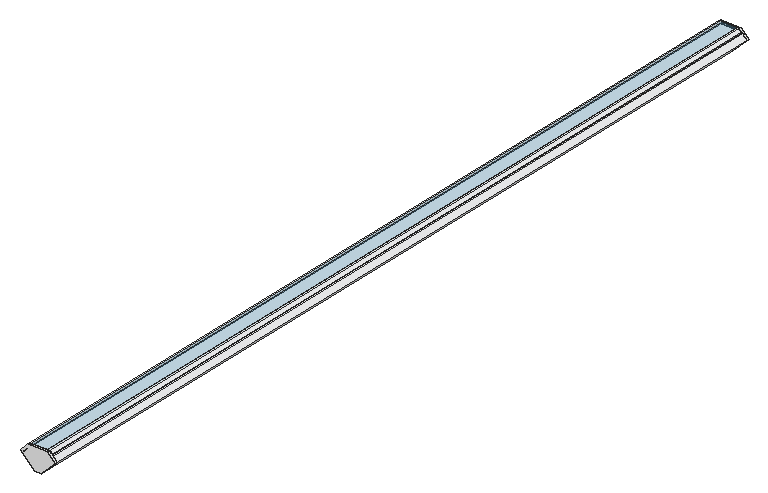
Revit family "LLED-CMC-4RF", category Lighting Fixtures, Revit 2017
Family settings
  Round Connector Dimension = Use Diameter
  Part Type = Normal
  OmniClass Number = 23.80.70.00
  OmniClass Title = Lighting
  Work Plane-Based = Yes
  Always vertical = Yes
  Cut with Voids When Loaded = No
  Light Source = Yes
  Shared = No
  Room Calculation Point = No
Parameters (values of type "LLED-CMC")
  Wattage = 9.2903 W
  built-in parameter 1150110 = 1 (stored number, unit not read)
  built-in parameter 1114217 = 1 (stored number, unit not read)
  Tilt Angle = 60.00°
  built-in parameter 1150109 = 1 (stored number, unit not read)
  built-in parameter 1150134 = 3
  built-in parameter 1150113 = 1 (stored number, unit not read)
  Photometric Web File = "generic"
  built-in parameter 1150142 = (empty or 0)
  built-in parameter 1150105 = 109.82 (stored number, unit not read)
  Lumens = 1380 lm
  built-in parameter 1150115 = 1 (stored number, unit not read)
  built-in parameter 1150137 = (empty or 0)
  built-in parameter 1150139 = (empty or 0)
  Length = 24.00"
  built-in parameter 1150112 = 1 (stored number, unit not read)
  built-in parameter 1150114 = 1 (stored number, unit not read)
  built-in parameter 1150132 = (empty or 0)
  built-in parameter 1150102 = (empty or 0)
  built-in parameter 1150107 = 3200 (stored number, unit not read)
  built-in parameter 1150138 = (empty or 0)
  built-in parameter 1150106 = 1.0982 (stored number, unit not read)
  Fixture Cap = Fixture Cap
  Fixture = Fixture
  Emit from Line Length = Length  # 24.00"
  built-in parameter 1150104 = 13.8 (stored number, unit not read)
  Dimming Lamp Color Temperature Shift = <None>
  Default Elevation = 48.00"
  Color Filter = 16777215
  built-in parameter 1114218 = 1 (stored number, unit not read)
  built-in parameter 1150133 = 10 (stored number, unit not read)
Reference planes (in)
  plane 1 "Light Source Axis (F/B)": y = 0
  plane 2: z = 0
  plane 3 "Light Source Axis (L/R)": x = 0
  plane 4 "Light Source Elevation": z = 66.61
  plane 5: y = 12
  plane 6: y = -12
  plane 7: y = 12.04819
  plane 8: y = -12.04819
Forms (in)
  Extrusion 1, solid, material "Fixture" <- "Fixture"
    sketch origin (-0.45313, 0, -0.07812) x (1, 0, 0) y (0, 0, 1)
      loop
        line (0.56313, 0.57812) -> (0.45314, 0.46814) -> (0.84315, 0.07812) -> (1.0531, 0.07812) -> (1.44311, 0.46814) -> (1.33148, 0.57977) -> (1.30574, 0.55403) -> (1.27302, 0.58675) -> (1.29876, 0.61249) -> (1.22313, 0.68812) -> (1.18089, 0.68812) -> (1.18089, 0.63899) -> (0.71207, 0.63899) -> (0.71207, 0.68812) -> (0.67313, 0.68812) -> (0.59585, 0.61085) -> (0.6219, 0.5848) -> (0.58917, 0.55208) -> (0.56313, 0.57812)
      loop
        line (0.68852, 0.60899) -> (0.52161, 0.44209) -> (0.85557, 0.10812) -> (1.04068, 0.10812) -> (1.37495, 0.4424) -> (1.20835, 0.60899) -> (0.68852, 0.60899)
    from -12 to 12
  Extrusion 2, solid, material "Glass"
    sketch origin (-0.34471, 0, -0.10257) x (1, 0, 0) y (0, 0, 1)
      loop
        line (0.60365, 0.71257) -> (0.60365, 0.68053) -> (1.07248, 0.68053) -> (1.07248, 0.71257) -> (0.60365, 0.71257)
    from -12 to 12
  Extrusion 3, solid, material "Fixture Cap" <- "Fixture Cap"
    sketch origin (-0.45313, 0.16936, -0.42188) x (1, 0, 0) y (0, 0, 1)
      loop
        line (0.67313, 1.03187) -> (0.45314, 0.81189) -> (0.84315, 0.42187) -> (1.0531, 0.42187) -> (1.44311, 0.81189) -> (1.22313, 1.03187) -> (0.67313, 1.03187)
    from 12.16936 to 12.21755
  Extrusion 4, solid, material "Fixture Cap" <- "Fixture Cap"
    sketch origin (-0.45313, -0.16936, -0.42188) x (1, 0, 0) y (0, 0, -1)
      loop
        line (0.67313, -1.03187) -> (1.22313, -1.03187) -> (1.44311, -0.81189) -> (1.0531, -0.42187) -> (0.84315, -0.42187) -> (0.45314, -0.81189) -> (0.67313, -1.03187)
    from 12.16936 to 12.21755
Dimensions and locks (in)
  equal spacing: plane 5, plane 1 "Light Source Axis (F/B)", plane 6
  "Length": plane 5 to plane 6
  Extrusion 1 sketch curve to Extrusion 1 sketch curve = 0.55"
  Extrusion 1 sketch curve to Extrusion 1 sketch curve = 0.98997"
  Extrusion 1 sketch curve to Extrusion 1 sketch curve = 0.71559"
  locked: Extrusion 3 to Extrusion 3 at 0.61
  plane 4 "Light Source Elevation" to Extrusion 3 = 66.00"
  locked: Extrusion 4 to Extrusion 4 at 0.61
  Extrusion 3 to Extrusion 3 = 0.70002"
  Extrusion 3 to Extrusion 3 = 0.98997"
  locked: plane 7 to plane 5 at 0.04819
  locked: plane 6 to plane 8 at 0.04819
  aligned and locked: level to plane 2
  aligned and locked: Extrusion 1 to plane 6
  aligned and locked: plane 5 to Extrusion 1
  aligned and locked: Extrusion 1 to Extrusion 2  (x2)
  aligned and locked: Extrusion 2 to Extrusion 1
  aligned and locked: Extrusion 3 to Extrusion 2
  aligned and locked: imposter light to Extrusion 3
  aligned and locked: plane 6 to Extrusion 3
  aligned and locked: plane 8 to Extrusion 3
  aligned and locked: Extrusion 4 to plane 5
  aligned and locked: plane 7 to Extrusion 4
Automatic sketch dimensions
  plane 3 "Light Source Axis (L/R)" to Extrusion 1 sketch curve = 0.00001"
  Extrusion 1 sketch curve to level = 0.00"
  Extrusion 1 sketch curve to Extrusion 1 sketch curve = 0.02605"  (x3)
  Extrusion 1 sketch curve to Extrusion 1 sketch curve = 0.03272"  (x2)
  Extrusion 1 sketch curve to Extrusion 1 sketch curve = 0.03894"
  Extrusion 1 sketch curve to Extrusion 1 sketch curve = 0.20995"
  Extrusion 1 sketch curve to Extrusion 1 sketch curve = 0.04223"
  Extrusion 1 sketch curve to Extrusion 1 sketch curve = 0.02574"
  Extrusion 1 sketch curve to Extrusion 1 sketch curve = 0.04913"
  plane 3 "Light Source Axis (L/R)" to Extrusion 2 sketch curve = 0.25894"
  Extrusion 2 sketch curve to Extrusion 2 sketch curve = 0.46882"
  level to Extrusion 2 sketch curve = 0.57795"
  Extrusion 2 sketch curve to Extrusion 2 sketch curve = 0.03204"
  plane 3 "Light Source Axis (L/R)" to Extrusion 4 sketch curve = 0.00001"
  Extrusion 4 sketch curve to level = 0.00"
  plane 3 "Light Source Axis (L/R)" to Extrusion 4 sketch curve = 0.22"
  plane 3 "Light Source Axis (L/R)" to Extrusion 4 sketch curve = 0.39002"
  Extrusion 4 sketch curve to Extrusion 4 sketch curve = 0.20995"
  Extrusion 4 sketch curve to Extrusion 4 sketch curve = 0.55"
  level to Extrusion 4 sketch curve = 0.39001"
  Extrusion 4 sketch curve to Extrusion 4 sketch curve = 0.21999"  (x2)
  level to Extrusion 4 sketch curve = 0.61"
  Extrusion 3 sketch curve to level = 0.00"
  plane 3 "Light Source Axis (L/R)" to Extrusion 3 sketch curve = 0.22"
  level to Extrusion 3 sketch curve = 0.39001"  (x2)
  Extrusion 3 sketch curve to Extrusion 3 sketch curve = 0.21999"  (x2)
  plane 3 "Light Source Axis (L/R)" to Extrusion 3 sketch curve = 0.00001"
  Extrusion 3 sketch curve to Extrusion 3 sketch curve = 0.20995"
  Extrusion 1 sketch curve to Extrusion 1 sketch curve = 0.02355"
  Extrusion 1 sketch curve to Extrusion 1 sketch curve = 0.02746"
  Extrusion 1 sketch curve to Extrusion 1 sketch curve = 0.03"
  Extrusion 1 sketch curve to Extrusion 1 sketch curve = 0.06756"
  Extrusion 1 sketch curve to Extrusion 1 sketch curve = 0.0242"
  Extrusion 1 sketch curve to Extrusion 1 sketch curve = 0.01243"  (x2)
  level to Extrusion 1 sketch curve = 0.03"
  Extrusion 1 sketch curve to Extrusion 1 sketch curve = 0.06816"
  Extrusion 1 sketch curve to Extrusion 1 sketch curve = 0.06467"
  Extrusion 1 sketch curve to Extrusion 1 sketch curve = 0.0692"
  Extrusion 1 sketch curve to Extrusion 1 sketch curve = 0.11163"
  Extrusion 1 sketch curve to Extrusion 1 sketch curve = 0.02224"
